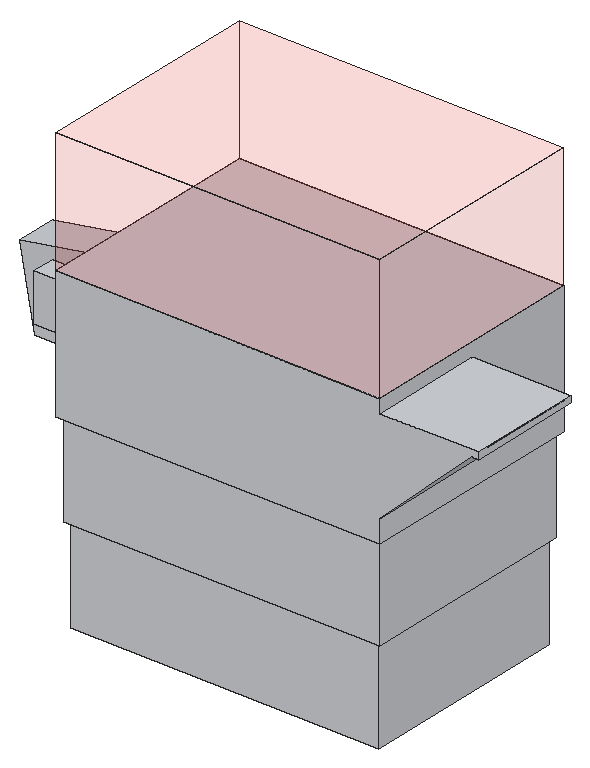
Revit family
Parameters (values of type "277 V Single Phase")
  Weight Scheduled [instance] = 185  # constant formula
  Voltage Workaround = Voltage / 1 V  # 277
  Voltage Scheduled = Voltage  # 277 V
  Voltage = 277 V
  VoltAmps Workaround [instance] = Voltage Workaround * Total FLA * sqrt(Phase)  # 664.8
  VoltAmps [instance] = VoltAmps Workaround * 1 VA  # 664.8 VA
  URL = "http://www.renewaire.com/_assets/files/SubmittalForms/EV450RTSubmittal.pdf"
  Total FLA [instance] = Supply Motor FLA  # 2.4
  Supply Motor RPM Scheduled [instance] = 0
  Supply Motor HP Scheduled [instance] = Supply Motor HP  # 0.6
  Supply Motor HP [instance] = if(or(Phase = 1, Phase = 2), 0.6, if(Phase = 3, 0.5, 0))  # 0.6
  Supply Motor FLA [instance] = if(and(Voltage = 115 V, Phase = 1), 7, if(and(or(Voltage = 208 V, Voltage = 230 V), Phase = 1), 3.5, if(and(Voltage = 277 V, Phase = 1), 2.4, if(and(or(Voltage = 208 V, Voltage = 230 V), Phase = 3), 1.7, if(and(Voltage = 460 V, Phase = 3), 0.8, 0)))))  # 2.4
  Supply Motor Count Scheduled [instance] = Supply Motor Count  # 1
  Supply Motor Count [instance] = 1  # constant formula
  Supply Motor BHP [instance] = if(Supply CFM < 241 CFM, if(Phase = 1, 0.569, if(Phase = 3, 0.325, 0)), if(Supply CFM < 339 CFM, if(Phase = 1, 0.635, if(Phase = 3, 0.419, 0)), if(Supply CFM < 381 CFM, if(Phase = 1, 0.664, if(Phase = 3, 0.462, 0)), if(Supply CFM < 451 CFM, if(Phase = 1, 0.715, if(Phase = 3, 0.552, 0)), if(Supply CFM < 501 CFM, if(Phase = 1, 0.754, if(Phase = 3, 0.617, 0)), if(Supply CFM < 551 CFM, if(Phase = 1, 0.794, if(Phase = 3, 0.691, 0)), if(Supply CFM < 601 CFM, if(Phase = 1, 0.834, if(Phase = 3, 0.766, 0)), 0)))))))  # 0.569
  Supply ESP Scheduled [instance] = Supply ESP  # 1
  Supply ESP [instance] = if(Supply CFM < 241 CFM, 1, if(Supply CFM < 339 CFM, 0.85, if(Supply CFM < 381 CFM, 0.75, if(Supply CFM < 451 CFM, 0.5, if(Supply CFM < 501 CFM, 0.25, if(Supply CFM < 551 CFM, 0, if(Supply CFM < 601 CFM, -0.25, 0)))))))  # 1
  Supply CFM Scheduled [instance] = Supply CFM  # 0 CFM
  Supply CFM [instance] = 0 CFM
  Supply Air Winter RH Scheduled [instance] = 0
  Supply Air Winter DB Scheduled [instance] = 0
  Supply Air Summer RH Scheduled [instance] = 0
  Supply Air Summer DB Scheduled [instance] = 0
  Phase Scheduled = Phase  # 1
  Phase = 1
  Outside Air Winter RH Scheduled [instance] = 0
  Outside Air Winter DB Scheduled [instance] = 0
  Outside Air Summer RH Scheduled [instance] = 0
  Outside Air Summer DB Scheduled [instance] = 0
  Number of Poles = 1
  Model = "EV450RTF"
  Manufacturer = "RenewAire"
  MOCP Scheduled [instance] = 0
  MCA Scheduled [instance] = 0
  FLA Scheduled [instance] = Total FLA  # 2.4
  Exhaust RH Scheduled [instance] = 0
  Exhaust Motor RPM Scheduled [instance] = 0
  Exhaust Motor HP Scheduled [instance] = 0
  Exhaust Motor Count Scheduled [instance] = 0
  Exhaust ESP Scheduled [instance] = Exhaust ESP  # 1
  Exhaust ESP [instance] = Supply ESP  # 1
  Exhaust DB Scheduled [instance] = 0
  Exhaust CFM Scheduled [instance] = Exhaust CFM  # 0 CFM
  Exhaust CFM [instance] = 0 CFM
  Enthalpy Effect Winter Scheduled [instance] = if(Supply CFM < 241 CFM, 75, if(Supply CFM < 339 CFM, 71, if(Supply CFM < 381 CFM, 69, if(Supply CFM < 451 CFM, 66, if(Supply CFM < 501 CFM, 64, if(Supply CFM < 551 CFM, 62, if(Supply CFM < 601 CFM, 60, 0)))))))  # 75
  Enthalpy Effect Summer Scheduled [instance] = if(Supply CFM < 241 CFM, 66, if(Supply CFM < 339 CFM, 61, if(Supply CFM < 381 CFM, 59, if(Supply CFM < 451 CFM, 56, if(Supply CFM < 501 CFM, 54, if(Supply CFM < 551 CFM, 52, if(Supply CFM < 601 CFM, 50, 0)))))))  # 66
Types (8): name | Voltage Workaround | Voltage Scheduled | Voltage | VoltAmps Workaround | VoltAmps | Total FLA | Supply Motor HP Scheduled | Supply Motor HP | Supply Motor FLA | Supply Motor BHP | Phase Scheduled | Phase | Number of Poles | FLA Scheduled
  (no name) | 277 | 277 V | 277 V | 664.8 | 664.8 VA | 2.4 | 0.6 | 0.6 | 2.4 | 0.569 | 1 | 1 | 1 | 2.4
  208 V Single Phase | 208 | 208 V | 208 V | 728 | 728 VA | 3.5 | 0.6 | 0.6 | 3.5 | 0.569 | 1 | 1 | 2 | 3.5
  230 V Single Phase | 230 | 230 V | 230 V | 805 | 805 VA | 3.5 | 0.6 | 0.6 | 3.5 | 0.569 | 1 | 1 | 2 | 3.5
  115 V Single Phase | 115 | 115 V | 115 V | 805 | 805 VA | 7 | 0.6 | 0.6 | 7 | 0.569 | 1 | 1 | 1 | 7
  277 V Single Phase | 277 | 277 V | 277 V | 664.8 | 664.8 VA | 2.4 | 0.6 | 0.6 | 2.4 | 0.569 | 1 | 1 | 1 | 2.4
  208 V Three Phase | 208 | 208 V | 208 V | 612.4532 | 612.453 VA | 1.7 | 0.5 | 0.5 | 1.7 | 0.325 | 3 | 3 | 3 | 1.7
  230 V Three Phase | 230 | 230 V | 230 V | 677.2319 | 677.232 VA | 1.7 | 0.5 | 0.5 | 1.7 | 0.325 | 3 | 3 | 3 | 1.7
  460 V Three Phase | 460 | 460 V | 460 V | 637.3947 | 637.395 VA | 0.8 | 0.5 | 0.5 | 0.8 | 0.325 | 3 | 3 | 3 | 0.8
Reference planes (in)
  plane 1 "Center (Front/Back)": y = 0
  plane 2: z = 0
  plane 3 "Center (Left/Right)": x = 0
Forms (in)
  Extrusion 1, solid
    sketch origin (0, 0, 0) x (1, 0, 0) y (0, 1, 0)
      loop
        line (-23.9375, 16.9375) -> (-23.9375, -16.9375) -> (23.9375, -16.9375) -> (23.9375, 16.9375) -> (-23.9375, 16.9375)
    from 28 to 47.25
  Extrusion 2, solid
    sketch origin (-53.92418, 1.4739, 0) x (1, 0, 0) y (0, 1, 0)
      loop
        line (31.23668, 14.1511) -> (31.23668, -17.0989) -> (76.61168, -17.0989) -> (76.61168, 14.1511) -> (31.23668, 14.1511)
    from 0 to 14
  Extrusion 3, solid
    sketch origin (0, 0, 14) x (1, 0, 0) y (0, 0, 1)
      loop
        line (23.9375, 31.25) -> (23.9375, 17.36927) -> (37.4375, 30.25) -> (38.4375, 30.25) -> (38.4375, 31.25) -> (23.9375, 31.25)
    from 0 to 16.9375
  Extrusion 4, solid
    sketch origin (0, 0, 14) x (1, 0, 0) y (0, 0, 1)
      loop
        line (-34.21804, 17.25) -> (-23.9375, 17.25) -> (-23.9375, 31.31031) -> (-36.3125, 29.12826) -> (-34.21804, 17.25)
    from 2 to 8
  Extrusion 5, solid
    sketch origin (-4.49885, 47.70678, 0) x (1, 0, 0) y (0, 1, 0)
      loop
        line (-19.43865, -30.76928) -> (-19.43865, -64.64428) -> (28.43635, -64.64428) -> (28.43635, -30.76928) -> (-19.43865, -30.76928)
    from 47.25 to 65.5
  Extrusion 6, solid
    sketch origin (0, 0, 0) x (1, 0, 0) y (0, 1, 0)
      loop
        line (-23.3125, 16.28125) -> (-23.3125, -16.28125) -> (23.3125, -16.28125) -> (23.3125, 16.28125) -> (-23.3125, 16.28125)
    from 14 to 28
  Extrusion 7, solid
    sketch origin (0, 0, 30.25) x (1, 0, 0) y (0, 1, 0)
      loop
        line (-23.9375, -14.37485) -> (-23.9375, -10.87485) -> (-29.1875, -10.87485) -> (-29.1875, -14.37485) -> (-23.9375, -14.37485)
    from 7 to 14
Cuts and joins
  joined: Extrusion 1, Extrusion 2, Extrusion 3, Extrusion 4, Extrusion 6
Lines and regions (in)
  Split face 1
    outline origin (-22.6875, 15.625, 0) x (0, -1, 0) y (1, 0, 0)
      loop
        line (1.21875, 1.875) -> (13.71875, 1.875) -> (13.71875, 14.375) -> (1.21875, 14.375) -> (1.21875, 1.875)
Dimensions and locks (in)
  equal spacing: Extrusion 5, Extrusion 6 sketch curve, cut or joined group of Extrusion 1, Extrusion 2, Extrusion 3, Extrusion 4, Extrusion 6  (x2)
  equal spacing: cut or joined group of Extrusion 1, Extrusion 2, Extrusion 3, Extrusion 4, Extrusion 6, Extrusion 6 sketch curve, Extrusion 5  (x2)
  Split face 1 sketch curve to cut or joined group of Extrusion 1, Extrusion 2, Extrusion 3, Extrusion 4, Extrusion 6 = 0' - 1 7/8"
  cut or joined group of Extrusion 1, Extrusion 2, Extrusion 3, Extrusion 4, Extrusion 6 to Split face 1 sketch curve = 0' - 1 7/8"
Connectors (in)
  hvac at (-14.5625, 8.15625, 0), driven by "Supply CFM"
    settings: on cut or joined group of Extrusion 1, Extrusion 2, Extrusion 3, Extrusion 4, Extrusion 6, index 4, duct flow 0 CFM, flow factor 0, pres drop 0.00 in-wg, loss coef 0, conn angle 0.00°, conn width 12", conn height 12", conn radius 12", duct sys type 1, conn prof type 1, flow config 0, flow direction 2, loss method 0, conn ref index -1, conn util no, is conn primary yes, conn desc ""
  hvac at (23.3125, 0, 21), driven by "Exhaust CFM"
    settings: on cut or joined group of Extrusion 1, Extrusion 2, Extrusion 3, Extrusion 4, Extrusion 6, index 5, duct flow 0 CFM, flow factor 0, pres drop 0.00 in-wg, loss coef 0, conn angle 0.00°, conn width 12", conn height 12", conn radius 12", duct sys type 3, conn prof type 1, flow config 0, flow direction 1, loss method 0, conn ref index -1, conn util no, is conn primary no, conn desc ""
  electrical at (0, 0, 47.25), driven by "VoltAmps", driven by "Voltage", driven by "Number of Poles"
    settings: on cut or joined group of Extrusion 1, Extrusion 2, Extrusion 3, Extrusion 4, Extrusion 6, index 6, voltage 277 V, apparent load 664.8 VA, apparent load phase1 0 VA, apparent load phase2 0 VA, apparent load phase3 0 VA, power factor 1, load classification "HVAC", number of poles 1, system type 30, power factor state 1, is connector primary yes, connector utility no, sub classification motor no, connector description ""
